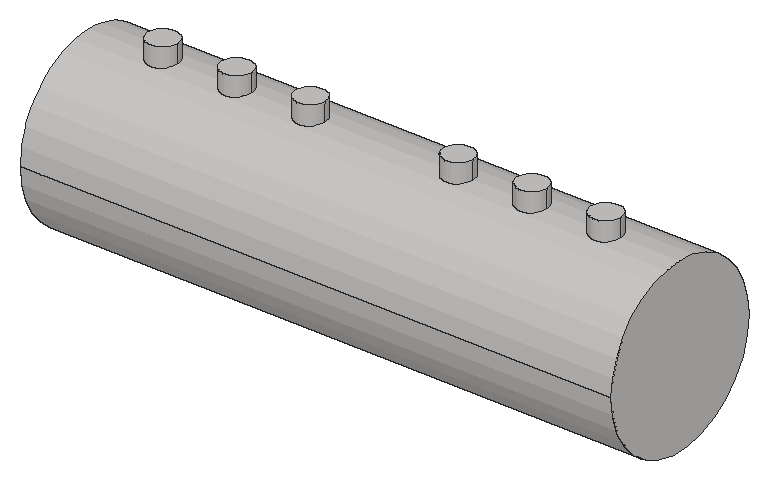
Revit family "SOFiSTiK_Muffe_Schraubschloss", category Verbindungsmittel, Revit 2023
Family settings
  Arbeitsebenenbasiert = Nein
  Immer vertikal = Nein
  Beim Laden mit Abzugskörper schneiden = Nein
  Gemeinsam genutzt = Nein
  An Ansicht ausrichten = Ja
Parameters (values of type "Ø6")
  Stabgröße 2 = ø6, Dmin=4ϕ
  Stabgröße 1 = ø6, Dmin=4ϕ
  SOFiSTiK_Symbol_ID = "Screwlock"  # constant formula
  SOFiSTiK_Identifier = "RC_Rebar_Coupler"  # constant formula
  Modell = "Schraubmuffe"
  Material = Baustahl - S 235
  Körper = 0,60 kg
  Hersteller = "Hersteller"
  Gesamtlänge = 100 mm
  Endenbearbeitung 2 = SOFiSTiK_Unbearbeitet
  Endenbearbeitung 1 = SOFiSTiK_Unbearbeitet
  Einfassung Stab 2 = Einfassung Stab 1  # 45 mm
  Einfassung Stab 1 = (Gesamtlänge - 10 mm) / 2  # 45 mm
  Bauelement = "M"
  Außendurchmesser = 29 mm
Types (12, lengths in mm): name | Stabgröße 2 | Stabgröße 1 | Körper | Gesamtlänge | Einfassung Stab 2 | Einfassung Stab 1 | Außendurchmesser
  (no name) | ø6, Dmin=4ϕ | ø6, Dmin=4ϕ | 0.6 (stored number, unit not read) | 100 | 0.14764 (stored number, unit not read) | 0.14764 (stored number, unit not read) | 29
  Ø6 | ø6, Dmin=4ϕ | ø6, Dmin=4ϕ | 0,60 kg | 100 | 45 mm | 45 mm | 29
  Ø8 | ø8, Dmin=4ϕ | ø8, Dmin=4ϕ | 0,60 kg | 127 | 59 mm | 59 mm | 29
  Ø10 | ø10, Dmin=4ϕ | ø10, Dmin=4ϕ | 0,60 kg | 127 | 59 mm | 59 mm | 29
  Ø12 | ø12, Dmin=4ϕ | ø12, Dmin=4ϕ | 0,60 kg | 127 | 59 mm | 59 mm | 29
  Ø14 | ø14, Dmin=4ϕ | ø14, Dmin=4ϕ | 0,90 kg | 159 | 75 mm | 75 mm | 35
  Ø16 | ø16, Dmin=4ϕ | ø16, Dmin=4ϕ | 0,13 kg | 159 | 75 mm | 75 mm | 35
  Ø20 | ø20, Dmin=7ϕ | ø20, Dmin=7ϕ | 1,70 kg | 191 | 91 mm | 91 mm | 44
  Ø25 | ø25, Dmin=7ϕ | ø25, Dmin=7ϕ | 3,40 kg | 254 | 122 mm | 122 mm | 54
  Ø28 | ø28, Dmin=7ϕ | ø28, Dmin=7ϕ | 0,36 kg | 260 | 125 mm | 125 mm | 60
  Ø32 | ø32, Dmin=7ϕ | ø32, Dmin=7ϕ | 5,90 kg | 323 | 157 mm | 157 mm | 65
  Ø40 | ø40, Dmin=7ϕ | ø40, Dmin=7ϕ | 10,90 kg | 400 | 195 mm | 195 mm | 80
Reference planes
  plane 1: y = 0
  plane 2: z = 0
  plane 3 "Mitte (Links/rechts)": x = 0
  plane 4: x = -50
  plane 5: x = 50
  plane 6: y = 14.5
  plane 7: y = -14.5
  plane 8: x = -37.5
  plane 9: x = -25
  plane 10: x = -12.5
  plane 11: x = 12.5
  plane 12: x = 25
  plane 13: x = 37.5
  plane 14: z = 17.5
  plane 15: z = 14.5
  plane 16: z = -14.5
Forms (mm)
  Extrusion 1, solid, material "Baustahl - S 235" <- "Material"
    sketch origin (0, 0, 0) x (0, 1, 0) y (0, 0, 1)
      loop
        circle (0, 0) r 14.5
    from -50 to 50
  Extrusion 2, solid, material "Baustahl - S 235" <- "Material"
    sketch origin (0, 0, 0) x (1, 0, 0) y (0, 1, 0)
      loop
        circle (-37.5, 0) r 2.5
      loop
        circle (-25, 0) r 2.5
      loop
        circle (-12.5, 0) r 2.5
      loop
        circle (12.5, 0) r 2.5
      loop
        circle (25, 0) r 2.5
      loop
        circle (37.5, 0) r 2.5
    from 0 to 17.5
Cuts and joins
  joined: Extrusion 1, Extrusion 2
Lines and regions (mm)
  symbolic lines
    curve 1: line (-50, 14.5, 0) -> (50, 14.5, 0)
    curve 2: line (-50, -14.5, 0) -> (-50, 14.5, 0)
    curve 3: line (50, -14.5, 0) -> (-50, -14.5, 0)
    curve 4: line (50, 14.5, 0) -> (50, -14.5, 0)
Dimensions and locks
  equal spacing: plane 4, plane 3 "Mitte (Links/rechts)", plane 5
  "Gesamtlänge": plane 4 to plane 5
  equal spacing: plane 6, plane 1, plane 7
  "Außendurchmesser": plane 6 to plane 7
  equal spacing: plane 15, plane 2, plane 16
  "Außendurchmesser": plane 15 to plane 16
  locked: plane 14 to plane 15 at 3
  equal spacing: plane 4, plane 8, plane 9, plane 10, plane 3 "Mitte (Links/rechts)"
  equal spacing: plane 3 "Mitte (Links/rechts)", plane 11, plane 12, plane 13, plane 5
  "Außendurchmesser": diameter of Extrusion 1 sketch curve
  diameter of Extrusion 2 sketch curve = 5 mm  (x6)
  aligned and locked: Extrusion 1 to plane 4
  aligned and locked: plane 5 to Extrusion 1
  aligned and locked: plane 4 to curve 2
  aligned and locked: curve 4 to plane 5
  aligned and locked: curve 1 to plane 6
  aligned and locked: curve 3 to plane 7
  aligned and locked: plane 14 to Extrusion 2
Automatic sketch dimensions
  plane 1 to Extrusion 2 sketch curve = 0 mm  (x6)
  Extrusion 2 sketch curve to plane 8 = 0 mm
  Extrusion 2 sketch curve to plane 9 = 0 mm
  Extrusion 2 sketch curve to plane 10 = 0 mm
  Extrusion 2 sketch curve to plane 11 = 0 mm
  Extrusion 2 sketch curve to plane 12 = 0 mm
  Extrusion 2 sketch curve to plane 13 = 0 mm
  Extrusion 1 sketch curve to level = 0 mm
  Extrusion 1 sketch curve to plane 1 = 0 mm
